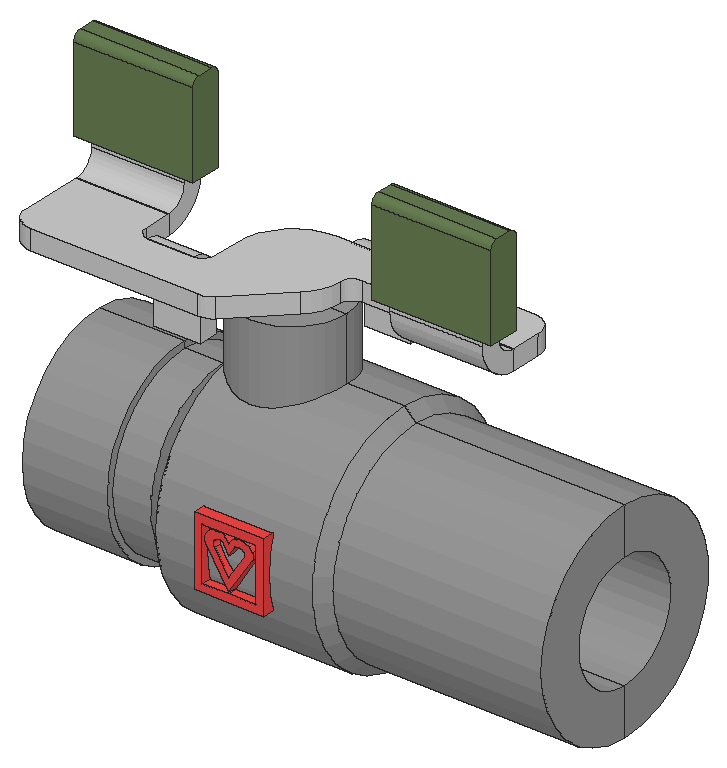
Revit family "HERZ Ball Valve With Butterfly Handle And Check Valve 2110", category Rohrzubehör, Revit 2021
Family settings
  Bemaßung runder Anschluss = Durchmesser verwenden
  Teiletyp = Unterbricht
  OmniClass-Nummer = 23.65.55.14
  OmniClass-Titel = Valves for Liquid Services
  Arbeitsebenenbasiert = Nein
  Immer vertikal = Ja
  Beim Laden mit Abzugskörper schneiden = Nein
  Gemeinsam genutzt = Nein
Parameters
  W01 = 45.00°  # constant formula
  Vorgabe-Ansicht = 0.000 mm
  URL = "www.herzvalves.com"
  Spindle seals = "EPDM"  # constant formula
  Spindle = "machined brass acc. to EB 12164, CW614N"  # constant formula
  SC_NennweiteBerechnet = 0
  SC_Dimension = ""
  SCTWSEQ = "FW;SBT_TYP_FW=\"102\";2"
  SCTWCODE = "04;04;02"  # constant formula
  S04 = 5.000 mm  # constant formula
  S03 [instance] = D04 - 2.000 mm  # 11.500 mm
  S02 [instance] = L01 + 4.500 mm  # 38.500 mm
  S01 [instance] = D04 * 2  # 27.000 mm
  R01 = 7.000 mm  # constant formula
  Part number [instance] = size_lookup("2110_0X_", "Artnr", 0, Nennweite)  # 2211001
  Note = "Pursuant to Article 33 of the REACH Regulation (EC No. 1907/2006), we are obliged to point out that the material lead is listed on the SVHC list and that all brass components manufactured in our products exceed 0.1% (w / w) lead (CAS: 7439-92-1 / EINECS: 231-100-4).\r\nSince lead is a component part of an alloy, actual exposure is not possible and therefore no additional information on safe use is necessary."
  Min. operating temperature (water) = 0.5 °C  # constant formula
  Min. operating temperature = -10 °C  # constant formula
  Medium = "potable water"  # constant formula
  Max. operating temperature = 85 °C  # constant formula
  Max. operating pressure = 2500000.0 Pa  # constant formula
  Check valve O-Ring = "silicon"  # constant formula
  Nennweite [instance] = 15.000 mm
  L05 [instance] = size_lookup("2110_0X_", "L5", 1.000 mm, Nennweite)  # 25.000 mm
  L04 [instance] = size_lookup("2110_0X_", "L4", 1.000 mm, Nennweite)  # 27.000 mm
  L03 = 5.000 mm  # constant formula
  L02 [instance] = size_lookup("2110_0X_", "L2", 1.000 mm, Nennweite)  # 11.000 mm
  L01 [instance] = size_lookup("2110_0X_", "L1", 1.000 mm, Nennweite)  # 34.000 mm
  IG [instance] = Nennweite / 2  # 7.500 mm
  Hersteller = "HERZ Armaturen Ges.m.b.H."  # constant formula
  Handle = "butterfly handle, green, steel sheet - Zn. plated"  # constant formula
  H01 [instance] = size_lookup("2110_0X_", "H1", 1.000 mm, Nennweite)  # 23.000 mm
  Thread = "acc. to ISO 228"  # constant formula
  Check valve body = "POM"  # constant formula
  GT [instance] = size_lookup("2110_0X_", "GT", 1.000 mm, Nennweite)  # 10.000 mm
  DN15-DN20 [instance] = if(Nennweite = 15.000 mm, 42.000 mm, 46.000 mm)  # 42.000 mm
  D04 [instance] = size_lookup("2110_0X_", "D4", 1.000 mm, Nennweite)  # 13.500 mm
  D03 [instance] = size_lookup("2110_0X_", "D3", 1.000 mm, Nennweite)  # 15.000 mm
  D02 [instance] = size_lookup("2110_0X_", "D2", 1.000 mm, Nennweite)  # 11.700 mm
  D01 [instance] = size_lookup("2110_0X_", "D1", 1.000 mm, Nennweite)  # 12.500 mm
  Body = "forged brass acc. to EN 12165, nickel plated, CW626N DZR"  # constant formula
  Ball seals = "PTFE"  # constant formula
  Ball = "forged brass acc. to EN 12165, full bore, hollow, hard chrome plated, CW626N DZR"  # constant formula
  Application = "HERZ ball valve with check valve is used as a shut-off valve.\r\nThe valve is used in system with potable water.\r\nBall valves are used when the flow of the medium has to be reilably closed.\r\nCheck valve has a function of a back-flow preventer."
Reference planes
  plane 1 "Mitte (Vorne/hinten)": y = 0
  plane 2: z = 0
  plane 3 "Mitte (Links/rechts)": x = 0
Forms (mm)
  Revolve 1, solid, material "Messing, weicher Gelbton, geschweißt", detail levels fine
    sketch origin (0, 0, 0) x (1, 0, 0) y (0, 0, 1)
      loop
        line (-24, 0) -> (24, 0) -> (24, 7.5) -> (34, 7.5) -> (34, 13.5) -> (7, 13.5) -> (5.5, 15) -> (-14.7, 15) -> (-18, 11.7) -> (-23, 11.7) -> (-23, 12.5) -> (-34, 12.5) -> (-34, 7.5) -> (-24, 7.5) -> (-24, 0)
      axis (-34, 0) -> (34, 0)
    angle from 0 to 360
  Revolve 2, solid, material "Messing, weicher Gelbton, geschweißt", detail levels fine
    sketch origin (0, 0, 0) x (1, 0, 0) y (0, 0, 1)
      loop
        line (-5.588, 0) -> (-5.588, 8) -> (-2, 8) -> (-2, 23) -> (-9, 23) -> (-9, 0) -> (-5.588, 0)
      axis (-9, 0) -> (-9, 23)
    angle from 0 to 360
Lines and regions (mm)
  model lines, detail levels coarse+medium
    curve 1: line (-34, 0, 13.5) -> (-34, 0, -13.5)
    curve 2: line (-34, 0, -13.5) -> (4.5, 0, 13.5)
    curve 3: line (4.5, 0, 13.5) -> (4.5, 0, -13.5)
    curve 4: line (4.5, 0, -13.5) -> (-34, 0, 13.5)
    curve 5: circle (-14.75, 0, 0) r 11.5 normal (0, -1, 0)
    curve 6: line (4.5, 0, 13.5) -> (34, 0, -13.5)
    curve 7: line (34, 0, -13.5) -> (34, 0, 13.5)
    curve 8: circle (4.5, 0, 13.5) r 5 normal (0, -1, 0)
    curve 9: line (-34, 13.5, 0) -> (-34, -13.5, 0)
    curve 10: line (-34, -13.5, 0) -> (4.5, 13.5, 0)
    curve 11: line (4.5, 13.5, 0) -> (4.5, -13.5, 0)
    curve 12: line (4.5, -13.5, 0) -> (-34, 13.5, 0)
    curve 13: line (4.5, 13.5, 0) -> (34, -13.5, 0)
    curve 14: line (34, -13.5, 0) -> (34, 13.5, 0)
    curve 15: circle (4.5, 13.5, 0) r 5 normal (0, 0, 1)
    curve 16: circle (-14.75, 0, 0) r 11.5 normal (0, 0, 1)
Dimensions and locks
  "L01": plane 3 "Mitte (Links/rechts)" to Revolve 1 sketch curve
  "L01": Revolve 1 sketch curve to plane 3 "Mitte (Links/rechts)"
  "L02": Revolve 1 sketch curve to Revolve 1 sketch curve
  "L03": Revolve 1 sketch curve to Revolve 1 sketch curve
  "D01": Revolve 1 sketch curve to plane 2
  "D02": Revolve 1 sketch curve to plane 2
  "D03": Revolve 1 sketch curve to plane 2
  "L04": Revolve 1 sketch curve to Revolve 1 sketch curve
  "D04": Revolve 1 sketch curve to plane 2
  "GT": Revolve 1 sketch curve to Revolve 1 sketch curve  (x2)
  "IG": Revolve 1 sketch curve to plane 2  (x2)
  "L05": Revolve 1 to Revolve 2 sketch curve  (x2)
  "H01": Revolve 2 sketch curve to plane 2
  "R01": Revolve 2 sketch curve to Revolve 2 sketch curve
  Revolve 2 sketch curve to plane 2 = 8.000 mm
  equal spacing: Revolve 1, nested 1, Revolve 1
  "D03": nested 1 to plane 1 "Mitte (Vorne/hinten)"
  equal spacing: curve 4, plane 2, curve 2
  "S01": curve 4 to curve 2
  "L01": plane 3 "Mitte (Links/rechts)" to curve 1
  equal spacing: curve 3, plane 2, curve 4
  "S01": curve 4 to curve 3
  "S02": curve 1 to curve 3
  equal spacing: curve 1, curve 5, curve 3
  "S02": curve 1 to curve 8
  "L01": curve 7 to plane 3 "Mitte (Links/rechts)"
  equal spacing: curve 7, plane 2, curve 7
  "S01": curve 7 to curve 7
  equal spacing: curve 10, plane 1 "Mitte (Vorne/hinten)", curve 12
  equal spacing: curve 12, plane 1 "Mitte (Vorne/hinten)", curve 13
  equal spacing: curve 14, plane 1 "Mitte (Vorne/hinten)", curve 14
  "L01": curve 9 to plane 3 "Mitte (Links/rechts)"
  "S02": curve 9 to curve 11
  "S02": curve 9 to curve 15
  "L01": plane 3 "Mitte (Links/rechts)" to curve 14
  "S01": curve 12 to curve 9
  "S01": curve 13 to curve 12
  "S01": curve 14 to curve 14
  equal spacing: curve 9, curve 16, curve 11
  "L05": Revolve 1 to nested 2
  "DN15-DN20": nested 2 to plane 2
  "S03": radius of curve 5
  "S04": radius of curve 8
  "S04": radius of curve 15
  "S03": radius of curve 16
  "W01": angle Revolve 1 sketch curve to Revolve 1 sketch curve  (x2)
  aligned and locked: level to plane 2
Automatic sketch dimensions
  curve 5 to level = 0.000 mm
  curve 8 to curve 2 = 0.000 mm
  plane 1 "Mitte (Vorne/hinten)" to curve 16 = 0.000 mm
  curve 15 to curve 10 = 0.000 mm
  Revolve 1 sketch curve to level = 0.000 mm  (x2)
  Revolve 1 sketch curve to Revolve 1 sketch curve = 1490.843 mm
  Revolve 1 sketch curve to Revolve 1 sketch curve = 1823.461 mm
  Revolve 2 sketch curve to level = 0.000 mm  (x2)
  Revolve 2 sketch curve to Revolve 2 sketch curve = 3.588 mm
  Revolve 2 sketch curve to Revolve 2 sketch curve = 0.000 mm
Nested families
  nested 1: "Herz-Logo-vorne" at (-4.6, -15, 0) x (0, 1, 0) z (0, 0, 1), type "Herz-Logo-vorne", detail levels fine
  nested 2: "Flügelgriff (Grün) DN15-DN20" at (-9, 0, 24), type "Flügelgriff (Grün) DN15-DN20"
Connectors
  piping at (-24, 0, 0), diameter 15, driven by "Nennweite"
    settings: on Revolve 1, index 1, connector inside diameter 609.6 mm, connector length 0.000 mm, flow factor 0, pipe flow 0.0 L/s, pressure drop 0.0 Pa, fitting loss kfactor 0, connector angle 0.00°, fixture units 0, engagement length 0.000 mm, angle of deflection 0.00°, flow configuration 0, flow direction 1, fitting loss method 0, system type 29, joint type 0, gender type 0, connector reference index -1, connector utility 0, adjustable connector no, is connector primary yes, connector description ""
  piping at (24, 0, 0), diameter 15, driven by "Nennweite"
    settings: on Revolve 1, index 2, connector inside diameter 609.6 mm, connector length 0.000 mm, flow factor 0, pipe flow 0.0 L/s, pressure drop 0.0 Pa, fitting loss kfactor 0, connector angle 0.00°, fixture units 0, engagement length 0.000 mm, angle of deflection 0.00°, flow configuration 0, flow direction 2, fitting loss method 0, system type 29, joint type 0, gender type 0, connector reference index -1, connector utility 0, adjustable connector no, is connector primary no, connector description ""
Definition of nested family "Herz-Logo-vorne"
  Parameters (values of type "Herz-Logo-vorne")
    Default Elevation = 0.000 mm
  Reference planes
    plane 1 "Mitte (Vorne/hinten)": y = 0
    plane 2: z = 0
    plane 3 "Mitte (Links/rechts)": x = 0
  Forms (mm)
    Extrusion 1, solid
      sketch origin (0.732, -0.018, 0.017) x (0, -1, 0) y (0, 0, 1)
        loop
          line (-0.018, -4.517) -> (4.482, -4.517) -> (4.482, 4.483) -> (-4.518, 4.483) -> (-4.518, -4.517) -> (-0.018, -4.517)
        loop
          line (-0.05, -3.48) -> (3.482, -3.48) -> (3.482, 3.483) -> (-3.518, 3.483) -> (-3.518, -3.48) -> (-0.05, -3.48)
        loop
          arc (-0.018, 2.383) -> (-1.543, 3.287) -> (-3.067, 2.383) r 1.738
          arc (-3.067, 2.383) -> (-3.191, 1.899) -> (-3.067, 1.415) r 1.009
          line (-3.067, 1.415) -> (-0.018, -3.281) -> (3.032, 1.415)
          arc (3.032, 1.415) -> (3.156, 1.899) -> (3.032, 2.383) r 1.009
          arc (3.032, 2.383) -> (1.507, 3.287) -> (-0.018, 2.383) r 1.738
        loop
          arc (1.885, 1.272) -> (2.005, 1.675) -> (1.885, 2.079) r 0.74
          arc (1.885, 2.079) -> (1.265, 2.416) -> (0.644, 2.079) r 0.74
          line (0.644, 2.079) -> (-0.018, 0.97) -> (-0.679, 2.079)
          arc (-0.679, 2.079) -> (-1.3, 2.416) -> (-1.921, 2.079) r 0.74
          arc (-1.921, 2.079) -> (-2.04, 1.675) -> (-1.921, 1.272) r 0.74
          line (-1.921, 1.272) -> (-0.018, -1.658) -> (1.885, 1.272)
      from 0 to 1.5
  Dimensions and locks
    aligned and locked: level to plane 2
Definition of nested family "Flügelgriff (Grün) DN15-DN20"
  Parameters (values of type "Flügelgriff (Grün) DN15-DN20")
    Default Elevation = 0.000 mm
  Reference planes
    plane 1 "Mitte (Vorne/hinten)": y = 0
    plane 2: z = 0
    plane 3 "Mitte (Links/rechts)": x = 0
  Forms (mm)
    Extrusion 1, solid, detail levels fine
      sketch origin (0, 0, 0) x (1, 0, 0) y (0, 1, 0)
        loop
          line (-7, 0) -> (-7, -3.8)
          arc (-7, -3.8) -> (-7.439, -4.861) -> (-8.5, -5.3) r 1.5
          line (-8.5, -5.3) -> (-14.5, -5.3)
          arc (-14.5, -5.3) -> (-15.561, -4.861) -> (-16, -3.8) r 1.5
          line (-16, -3.8) -> (-16, 0) -> (-28, 0) -> (-28, -8.1)
          arc (-28, -8.1) -> (-27.121, -10.221) -> (-25, -11.1) r 3
          line (-25, -11.1) -> (-3.453, -11.1)
          arc (-3.453, -11.1) -> (-2.496, -10.91) -> (-1.685, -10.368) r 2.5
          line (-1.685, -10.368) -> (4.443, -4.24)
          arc (4.443, -4.24) -> (5.743, -2.295) -> (6.2, 0) r 6
          arc (6.2, 0) -> (6.64, 1.06) -> (7.7, 1.499) r 1.5
          line (7.7, 1.499) -> (15.1, 1.499)
          arc (15.1, 1.499) -> (16.16, 1.06) -> (16.6, 0) r 1.5
          line (16.6, 0) -> (28.6, 0) -> (28.6, 4)
          arc (28.6, 4) -> (27.721, 6.121) -> (25.6, 7) r 3
          line (25.6, 7) -> (0, 7)
          arc (0, 7) -> (-4.95, 4.95) -> (-7, 0) r 7
      from 0 to 2.5
    Extrusion 2, solid, detail levels fine
      sketch origin (0, 0, 0) x (0, 1, 0) y (0, 0, 1)
        loop
          arc (2.5, 5) -> (1.768, 3.232) -> (0, 2.5) r 2.5
          line (0, 2.5) -> (0, 0)
          arc (0, 0) -> (3.536, 1.464) -> (5, 5) r 5
          line (5, 5) -> (5, 6) -> (2.5, 6) -> (2.5, 5)
      from -28 to -16
    Extrusion 3, solid, detail levels fine
      sketch origin (0, 5.3, 0) x (0, 1, 0) y (0, 0, 1)
        loop
          line (-7.8, 5) -> (-7.8, 6) -> (-10.3, 6) -> (-10.3, 5)
          arc (-10.3, 5) -> (-8.836, 1.464) -> (-5.3, 0) r 5
          line (-5.3, 0) -> (-5.3, 2.5)
          arc (-5.3, 2.5) -> (-7.068, 3.232) -> (-7.8, 5) r 2.5
      from 16.6 to 28.6
    Extrusion 4, solid, detail levels fine
      sketch origin (0, 0, 0) x (0, 1, 0) y (0, 0, 1)
        loop
          line (5.75, 6) -> (5.75, 17.041)
          arc (5.75, 17.041) -> (5.469, 17.719) -> (4.791, 18) r 0.959
          line (4.791, 18) -> (2.773, 18)
          arc (2.773, 18) -> (2.05, 17.7) -> (1.75, 16.977) r 1.023
          line (1.75, 16.977) -> (1.75, 6) -> (5.75, 6)
      from -29.7 to -14.3
    Extrusion 5, solid, detail levels fine
      sketch origin (0, 0, 0) x (0, 1, 0) y (0, 0, 1)
        loop
          line (-5.75, 6) -> (-1.75, 6) -> (-1.75, 17)
          arc (-1.75, 17) -> (-2.043, 17.707) -> (-2.75, 18) r 1
          line (-2.75, 18) -> (-4.75, 18)
          arc (-4.75, 18) -> (-5.457, 17.707) -> (-5.75, 17) r 1
          line (-5.75, 17) -> (-5.75, 6)
      from 30.3 to 14.9
    Extrusion 6, solid, detail levels fine
      sketch origin (0, 0, 0) x (0, 1, 0) y (0, 0, 1)
        loop
          line (9, -2) -> (9, -8) -> (11.5, -8) -> (11.5, -2)
          arc (11.5, -2) -> (10.182, 1.182) -> (7, 2.5) r 4.5
          line (7, 2.5) -> (7, 0)
          arc (7, 0) -> (8.414, -0.586) -> (9, -2) r 2
      from 8.1 to 2.1
    Extrusion 7, solid, detail levels fine
      sketch origin (0, 0, 0) x (0, 1, 0) y (0, 0, 1)
        loop
          line (-4.3, -1) -> (-4.3, -8) -> (-1.8, -8) -> (-1.8, -1)
          arc (-1.8, -1) -> (-2.825, 1.475) -> (-5.3, 2.5) r 3.5
          line (-5.3, 2.5) -> (-5.3, 0)
          arc (-5.3, 0) -> (-4.593, -0.293) -> (-4.3, -1) r 1
      from -14.5 to -8.5
  Dimensions and locks
    aligned and locked: level to plane 2
